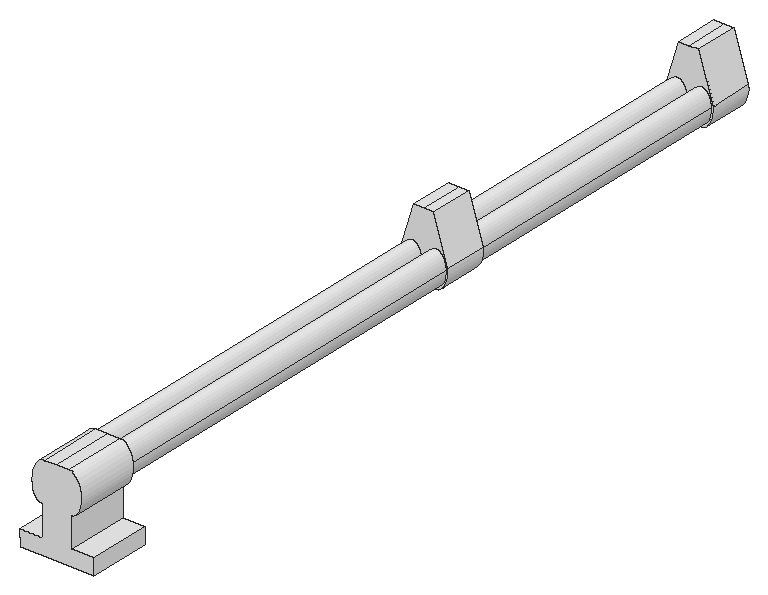
Revit family "HCL_Latchways_BaluAndGuardSym_VersiRail_Fixed", category Railings, host Face, Revit 2014
Parameters (values of type "BalustradeAndGuardingSystem_VersiRailFixed_WallMountStraight_MSA_Latchways")
  WarrantyStartDate [instance] = "1900-12-31T23:59:59"
  WarrantyGuarantorParts = "n/a"
  WarrantyGuarantorLabor = "n/a"
  WarrantyDurationUnit = "year"
  WarrantyDurationParts = "n/a"
  WarrantyDurationLabor = "n/a"
  WarrantyDescription = "n/a"
  WallStraightUpright = yes
  WallMountVis = yes
  WallInclinedUpright = no
  WallCurvedUpright = no
  Version = "1"  # constant formula
  UprightLength = 1150 mm
  Uniclass2 = "Ss_25_15_60_05"
  URL = "www.latchways.com"
  Type Comments = "n/a"
  TagNumber [instance] = "n/a"
  SustainabilityPerformance = "n/a"
  Size = "110 x 120 x 1150 mm"
  Shape = "n/a"
  ServiceLifeDuration = "n/a"
  SerialNumber [instance] = "n/a"
  Revision = "n/a"
  ReplacementCost = "n/a"
  Reference = "n/a"
  RailMaterial = LWplc_Latchwaysplc_Aluminium_Polished
  ProductInformation = "www.latchways.com/BIM/Latchways_WallMountedStraightVersiRail_Datasheet.pdf"
  PostBaseGap = 0 mm
  ParapetStraightUpright = no
  PostHeight = 10 mm
  ParapetInclinedUpright = no
  NominalWidth = 110 mm
  NominalLength = 120 mm
  NominalHeight = 1150 mm
  Name = "BalustradeAndGuardingSystem_VersiRailFixed_WallMountStraight_MSA_Latchways"
  NBSReference = "25-25-10/110"
  NBSNote = "n/a"
  NBSDescription = "Balustrade and guarding system"
  ModelReference = "VersiRail - Wall Mounted Straight Fixed assembly"
  ModelNumber = "22028-00+22042-00"
  Model = "22028-00+22042-00"
  Material = "Handrails & Uprights: Aluminium"
  ManufacturerURL = "www.latchways.com"
  ManufacturerName = "MSA Latchways"
  Manufacturer = "info@latchways.com"
  Keynote = ""
  IsExternal = yes
  Installer Website = "https://www.hclsafety.com/"
  Installer Info = "https://www.hclsafety.com/wp-content/uploads/2017/10/AC55-HCL-A4-brochure-2017.pdf"
  InstallationDate [instance] = "1900-12-31T23:59:59"
  IfcExportType = "IfcRailing"  # constant formula
  IfcExportAs = "GUARDRAIL"  # constant formula
  Height = 1150 mm
  Grade = "n/a"
  Finish = "n/a"
  Features = "n/a"
  ExpectedLife = "n/a"
  DurationUnit = "year"
  Diameter = 40 mm
  Description = "Latchways ManSafe VersiRail"
  Default Elevation = 1219.2 mm
  ParapetCurvedUpright = no
  Constituents = "n/a"
  Color = "n/a"
  CodePerformance = "n/a"
  Category = "n/a"
  BracketMaterial = LWplc_Latchwaysplc_Aluminium_Polished
  BasePlateVis = no
  BarCode [instance] = "n/a"
  BIMObjectName = "HCL_Latchways_BalustradeAndGuardingSystem_VersiRailFixed_WallMountStraight"
  Author = "MSA Latchways"  # constant formula
  AssetType = "Fixed"
  AssetIdentifier [instance] = "n/a"
  AccessibilityPerformance = "n/a"
Types (7, lengths in mm): name | WallStraightUpright | WallMountVis | WallInclinedUpright | WallCurvedUpright | Size | ProductInformation | ParapetStraightUpright | ParapetInclinedUpright | NominalWidth | NominalLength | Name | ModelReference | ModelNumber | Model | ParapetCurvedUpright | BasePlateVis | BIMObjectName
  (no name) | yes | yes | no | no | "110 x 120 x 1150 mm" | "www.latchways.com/BIM/Latchways_WallMountedStraightVersiRail_Datasheet.pdf" | no | no | 110 | 120 | "BalustradeAndGuardingSystem_VersiRailFixed_WallMountStraight_MSA_Latchways" | "VersiRail - Wall Mounted Straight Fixed assembly" | "22028-00+22042-00" | "22028-00+22042-00" | no | no | "HCL_Latchways_BalustradeAndGuardingSystem_VersiRailFixed_WallMountStraight"
  BalustradeAndGuardingSystem_VersiRailFixed_WallMountCurved_MSA_Latchways | no | yes | no | yes | "110 x 596 x 1150 mm" | "www.latchways.com/BIM/Latchways_WallMountedCurvedVersiRail_Datasheet.pdf" | no | no | 110 | 596 | "BalustradeAndGuardingSystem_VersiRailFixed_WallMountCurved_MSA_Latchways" | "VersiRail - Wall Mounted Curved Fixed assembly" | "22228-00+22042-00" | "22228-00+22042-00" | no | no | "HCL_Latchways_BalustradeAndGuardingSystem_VersiRailFixed_WallMountCurved"
  BalustradeAndGuardingSystem_VersiRailFixed_WallMountInclined_MSA_Latchways | no | yes | yes | no | "110 x 450 x 1150 mm" | "www.latchways.com/BIM/Latchways_WallMountedInclinedVersiRail_Datasheet.pdf" | no | no | 110 | 450 | "BalustradeAndGuardingSystem_VersiRailFixed_WallMountInclined_MSA_Latchways" | "VersiRail - Wall Mounted Inclined Fixed assembly" | "22120-00+22042-00" | "22228-00+22042-00" | no | no | "HCL_Latchways_BalustradeAndGuardingSystem_VersiRailFixed_WallMountInclined"
  BalustradeAndGuardingSystem_VersiRailFixed_WallMountStraight_MSA_Latchways | yes | yes | no | no | "110 x 120 x 1150 mm" | "www.latchways.com/BIM/Latchways_WallMountedStraightVersiRail_Datasheet.pdf" | no | no | 110 | 120 | "BalustradeAndGuardingSystem_VersiRailFixed_WallMountStraight_MSA_Latchways" | "VersiRail - Wall Mounted Straight Fixed assembly" | "22028-00+22042-00" | "22028-00+22042-00" | no | no | "HCL_Latchways_BalustradeAndGuardingSystem_VersiRailFixed_WallMountStraight"
  BalustradeAndGuardingSystem_VersiRailFixed_SlabAndParapetStraight_MSA_Latchways | no | no | no | no | "186 x 120 x 1150 mm" | "www.latchways.com/BIM/Latchways_Parapet-SlabMounted_StraightVersiRail_Datasheet.pdf" | yes | no | 186 | 120 | "BalustradeAndGuardingSystem_VersiRailFixed_SlabAndParapetStraight_MSA_Latchways" | "VersiRail - Slab And Parapet Mounted Straight Fixed assembly" | "22028-00+22044-00" | "22028-00+22044-00" | no | yes | "HCL_Latchways_BalustradeAndGuardingSystem_VersiRailFixed_SlabAndParapetStraight"
  BalustradeAndGuardingSystem_VersiRailFixed_SlabAndParapetInclined_MSA_Latchways | no | no | no | no | "186 x 325 x 1150 mm" | "www.latchways.com/BIM/Latchways_Parapet-SlabMounted_InclinedVersiRail_Datasheet.pdf" | no | yes | 186 | 325 | "BalustradeAndGuardingSystem_VersiRailFixed_SlabAndParapetInclined_MSA_Latchways" | "VersiRail - Slab And Parapet Mounted Inclined Fixed assembly" | "22120-00+22044-00" | "22120-00+22044-00" | no | yes | "HCL_Latchways_BalustradeAndGuardingSystem_VersiRailFixed_SlabAndParapetInclined"
  BalustradeAndGuardingSystem_VersiRailFixed_SlabAndParapetCurved_MSA_Latchways | no | no | no | no | "186 x 440 x 1150 mm" | "www.latchways.com/BIM/Latchways_Parapet-SlabMounted_CurvedVersiRail_Datasheet.pdf" | no | no | 186 | 440 | "BalustradeAndGuardingSystem_VersiRailFixed_SlabAndParapetCurved_MSA_Latchways" | "VersiRail - Slab And Parapet Mounted Curved Fixed assembly" | "22228-00+22044-00" | "22120-00+22044-00" | yes | yes | "HCL_Latchways_BalustradeAndGuardingSystem_VersiRailFixed_SlabAndParapetCurved"
Reference planes
  plane 1 "Center (Front/Back)": y = 0
  plane 2: z = 0
  plane 3 "Center (Left/Right)": x = 0
  plane 4: y = -47.5
Dimensions and locks
  aligned and locked: plane 2 to host face
  aligned and locked: level to host face
Nested families
  nested 1: "LWplc_VersiRail_WallBracket" at (0, 0, 0), visible <- "WallMountVis", type "LWplc_VersiRail_WallBracket"
  nested 2: "LWplc_VersiRail_StraightUpright" at (-0.423, 47.5, 119.768) x (1, 0, 0) z (0, 1, 0), visible <- "WallStraightUpright", PostBaseGap <- "PostBaseGap", type "LWplc_VersiRail_StraightUpright"
    with PostBaseGap 0 mm
  nested 3: "LWplc_VersiRail_InclinedUpright" at (0.53, 47.5, 73.632) x (-1, 0, 0) z (0, 1, 0), visible <- "WallInclinedUpright", PostBaseGap <- "PostBaseGap", type "LWplc_VersiRail_InclinedUpright"
  nested 4: "LWplc_VersiRail_CurvedUpright" at (-0.065, 47.5, 95.368) x (-1, 0, 0) z (0, 1, 0), visible <- "WallCurvedUpright", PostBaseGap <- "PostBaseGap", type "LWplc_VersiRail_CurvedUpright"
    with PostBaseGap 0 mm
  nested 5: "LWplc_VersiRail_FixedBase" at (0, 0, 0) x (0, 1, 0) z (0, 0, 1), visible <- "BasePlateVis", type "LWplc_VersiRail_FixedBase"
  nested 6: "LWplc_VersiRail_StraightUpright" at (0.247, 20.997, 146) x (-1, 0, 0) z (0, 0, 1), visible <- "ParapetStraightUpright", PostBaseGap <- "PostBaseGap", type "LWplc_VersiRail_StraightUpright"
    with PostBaseGap 0 mm
  nested 7: "LWplc_VersiRail_InclinedUpright" at (-0.625, -25.125, 146), visible <- "ParapetInclinedUpright", PostBaseGap <- "PostBaseGap", type "LWplc_VersiRail_InclinedUpright"
  nested 8: "LWplc_VersiRail_CurvedUpright" at (0.403, -3.548, 146), visible <- "ParapetCurvedUpright", PostBaseGap <- "PostBaseGap", type "LWplc_VersiRail_CurvedUpright"
    with PostBaseGap 0 mm
Definition of nested family "LWplc_VersiRail_WallBracket"
  Parameters (values of type "LWplc_VersiRail_WallBracket")
    RailMaterial = LWplc_Latchwaysplc_Aluminium_Polished
    Default Elevation = 0 mm
  Reference planes
    plane 1 "Center (Front/Back)": y = 0
    plane 2: z = 0
    plane 3 "Center (Left/Right)": x = 0
  Forms (mm)
    Extrusion 1, solid
      sketch origin (0, 0, 0) x (1, 0, 0) y (0, 1, 0)
        loop
          line (-1219.2, 1219.2) -> (-1219.2, -1219.2) -> (1219.2, -1219.2) -> (1219.2, 1219.2) -> (-1219.2, 1219.2)
      from 0 to -304.8
    Extrusion 2, solid, material "LWplc_Latchwaysplc_Aluminium_Polished" <- "RailMaterial"
      sketch origin (0, 197.5, 0) x (1, 0, 0) y (0, 0, 1)
        loop
          line (0, 0) -> (55, 0) -> (55, 24) -> (22, 24) -> (22, 69)
          spline (22, 69) -> (26.394, 70.311) -> (30.353, 73.554) -> (33.606, 78.507) -> (35.932, 84.832) -> (37.172, 92.099) -> (37.241, 99.813) -> (36.136, 107.447) -> (33.932, 114.482) -> (30.777, 120.438) -> (26.889, 124.909) -> (22.531, 127.591) -> (18, 128.3)
          line (18, 128.3) -> (0, 128.3) -> (-18, 128.3)
          spline (-18, 128.3) -> (-22.531, 127.591) -> (-26.889, 124.909) -> (-30.777, 120.438) -> (-33.932, 114.482) -> (-36.136, 107.447) -> (-37.241, 99.813) -> (-37.172, 92.099) -> (-35.932, 84.832) -> (-33.606, 78.507) -> (-30.353, 73.554) -> (-26.394, 70.311) -> (-22, 69)
          line (-22, 69) -> (-22, 24) -> (-55, 24) -> (-55, 0) -> (0, 0)
      from 150 to 245
  Lines and regions (mm)
    model lines, detail levels fine
      curve 1: spline (-50.136, 0, 24) -> (-49.88, 3.882, 24) -> (-49.131, 7.5, 24) -> (-47.939, 10.607, 24) -> (-46.386, 12.99, 24) -> (-44.577, 14.489, 24) -> (-42.636, 15, 24) -> (-40.694, 14.489, 24) -> (-38.886, 12.99, 24) -> (-37.332, 10.607, 24) -> (-36.14, 7.5, 24) -> (-35.391, 3.882, 24) -> (-35.136, 0, 24)
      curve 2: spline (-35.136, 0, 24) -> (-35.391, -3.882, 24) -> (-36.14, -7.5, 24) -> (-37.332, -10.607, 24) -> (-38.886, -12.99, 24) -> (-40.694, -14.489, 24) -> (-42.636, -15, 24) -> (-44.577, -14.489, 24) -> (-46.386, -12.99, 24) -> (-47.939, -10.607, 24) -> (-49.131, -7.5, 24) -> (-49.88, -3.882, 24) -> (-50.136, 0, 24)
      curve 3: spline (50.136, 0, 24) -> (49.88, 3.882, 24) -> (49.131, 7.5, 24) -> (47.939, 10.607, 24) -> (46.386, 12.99, 24) -> (44.577, 14.489, 24) -> (42.636, 15, 24) -> (40.694, 14.489, 24) -> (38.886, 12.99, 24) -> (37.332, 10.607, 24) -> (36.14, 7.5, 24) -> (35.391, 3.882, 24) -> (35.136, 0, 24)
      curve 4: spline (35.136, 0, 24) -> (35.391, -3.882, 24) -> (36.14, -7.5, 24) -> (37.332, -10.607, 24) -> (38.886, -12.99, 24) -> (40.694, -14.489, 24) -> (42.636, -15, 24) -> (44.577, -14.489, 24) -> (46.386, -12.99, 24) -> (47.939, -10.607, 24) -> (49.131, -7.5, 24) -> (49.88, -3.882, 24) -> (50.136, 0, 24)
  Dimensions and locks
    aligned and locked: plane 2 to Extrusion 1
    aligned and locked: level to Extrusion 1
Definition of nested family "LWplc_VersiRail_StraightUpright"
  Parameters (values of type "LWplc_VersiRail_StraightUpright")
    RailMaterial = LWplc_Latchwaysplc_Aluminium_Polished
    PostBaseGap [instance] = 10 mm
    Heightof Post = 1150 mm
    Default Elevation = 1219.2 mm
  Reference planes
    plane 1 "Center (Front/Back)": y = 0
    plane 2: z = 0
    plane 3 "Center (Left/Right)": x = 0
    plane 4: z = 10
    plane 5: z = 1160
    plane 6: z = 1095
    plane 7: z = 655
    plane 8: z = 590
    plane 9: z = 1050
    plane 10: z = 622.5
    plane 11: y = -26.25
    plane 12: z = 1127.5
  Forms (mm)
    Extrusion 1, solid
      sketch origin (0, 0, 0) x (1, 0, 0) y (0, 1, 0)
        loop
          line (-1219.2, 1219.2) -> (-1219.2, -1219.2) -> (1219.2, -1219.2) -> (1219.2, 1219.2) -> (-1219.2, 1219.2)
      from 0 to -304.8
    Extrusion 2, solid, material "LWplc_Latchwaysplc_Aluminium_Polished" <- "RailMaterial", detail levels medium+fine
      sketch origin (0, 108.1, 590) x (1, 0, 0) y (0, 1, 0)
        loop
          line (0, -160) -> (15, -160) -> (36.16, -90.929)
          spline (36.16, -90.929) -> (36.327, -85.309) -> (35.805, -79.744) -> (34.612, -74.442) -> (32.795, -69.604) -> (30.42, -65.412) -> (27.579, -62.024) -> (24.376, -59.566) -> (20.934, -58.132) -> (17.382, -57.775) -> (13.852, -58.509) -> (10.479, -60.307) -> (7.389, -63.1)
          line (7.389, -63.1) -> (-7.389, -63.1)
          spline (-7.389, -63.1) -> (-10.479, -60.307) -> (-13.852, -58.509) -> (-17.382, -57.775) -> (-20.934, -58.132) -> (-24.376, -59.566) -> (-27.579, -62.024) -> (-30.42, -65.412) -> (-32.795, -69.604) -> (-34.612, -74.442) -> (-35.805, -79.744) -> (-36.327, -85.309) -> (-36.16, -90.929)
          line (-36.16, -90.929) -> (-15, -160) -> (0, -160)
      from 0 to 65
    Extrusion 3, solid, material "LWplc_Latchwaysplc_Aluminium_Polished" <- "RailMaterial"
      sketch origin (0, -2.821, 0) x (1, 0, 0) y (0, 1, 0)
        loop
          spline (-32.35, 24.159) -> (-31.861, 17.688) -> (-30.428, 11.659) -> (-28.147, 6.481) -> (-25.175, 2.508) -> (-21.714, 0.011) -> (-18, -0.841) -> (-14.286, 0.011) -> (-10.825, 2.508) -> (-7.853, 6.481) -> (-5.573, 11.659) -> (-4.139, 17.688) -> (-3.65, 24.159)
          spline (-3.65, 24.159) -> (-4.139, 30.629) -> (-5.573, 36.659) -> (-7.853, 41.837) -> (-10.825, 45.81) -> (-14.286, 48.307) -> (-18, 49.159) -> (-21.714, 48.307) -> (-25.175, 45.81) -> (-28.147, 41.837) -> (-30.428, 36.659) -> (-31.861, 30.629) -> (-32.35, 24.159)
        loop
          spline (32.35, 24.159) -> (31.861, 30.629) -> (30.428, 36.659) -> (28.147, 41.837) -> (25.175, 45.81) -> (21.714, 48.307) -> (18, 49.159) -> (14.286, 48.307) -> (10.825, 45.81) -> (7.853, 41.837) -> (5.573, 36.659) -> (4.139, 30.629) -> (3.65, 24.159)
          spline (3.65, 24.159) -> (4.139, 17.688) -> (5.573, 11.659) -> (7.853, 6.481) -> (10.825, 2.508) -> (14.286, 0.011) -> (18, -0.841) -> (21.714, 0.011) -> (25.175, 2.508) -> (28.147, 6.481) -> (30.428, 11.659) -> (31.861, 17.688) -> (32.35, 24.159)
      from 10 to 1160
    Extrusion 4, solid, material "LWplc_Latchwaysplc_Aluminium_Polished" <- "RailMaterial", detail levels medium+fine
      sketch origin (0, 108.1, 1090) x (1, 0, 0) y (0, 1, 0)
        loop
          line (0, -160) -> (15, -160) -> (36.16, -90.929)
          spline (36.16, -90.929) -> (36.327, -85.309) -> (35.805, -79.744) -> (34.612, -74.442) -> (32.795, -69.604) -> (30.42, -65.412) -> (27.579, -62.024) -> (24.376, -59.566) -> (20.934, -58.132) -> (17.382, -57.775) -> (13.852, -58.509) -> (10.479, -60.307) -> (7.389, -63.1)
          line (7.389, -63.1) -> (-7.389, -63.1)
          spline (-7.389, -63.1) -> (-10.479, -60.307) -> (-13.852, -58.509) -> (-17.382, -57.775) -> (-20.934, -58.132) -> (-24.376, -59.566) -> (-27.579, -62.024) -> (-30.42, -65.412) -> (-32.795, -69.604) -> (-34.612, -74.442) -> (-35.805, -79.744) -> (-36.327, -85.309) -> (-36.16, -90.929)
          line (-36.16, -90.929) -> (-15, -160) -> (0, -160)
      from 5 to 70
  Lines and regions (mm)
    model lines, detail levels coarse
      curve 1: circle (0, -26.25, 622.5) r 20 normal (1, 0, 0)
      curve 2: circle (0, -26.25, 1127.5) r 20 normal (1, 0, 0)
  Dimensions and locks
    locked: plane 7 to plane 8 at 65
    "Heightof Post": plane 5 to plane 4
    locked: plane 5 to plane 6 at 65
    "PostBaseGap": plane 4 to plane 2
    locked: plane 10 to plane 7 at 32.5
    locked: plane 1 "Center (Front/Back)" to plane 11 at 26.25
    locked: plane 5 to plane 12 at 32.5
    aligned and locked: plane 2 to Extrusion 1
    aligned and locked: level to Extrusion 1
    aligned and locked: Extrusion 3 to plane 4
    aligned and locked: plane 5 to Extrusion 3
    aligned and locked: plane 7 to Extrusion 2
    aligned and locked: Extrusion 2 to plane 8
    aligned and locked: Extrusion 4 to Extrusion 3
    aligned and locked: Extrusion 4 to plane 6
    aligned and locked: plane 5 to Extrusion 4
    aligned and locked: plane 10 to curve 1
    aligned and locked: plane 11 to curve 1
    aligned and locked: plane 12 to curve 2
    aligned and locked: plane 11 to curve 2
  Automatic sketch dimensions
    Extrusion 1 sketch curve to Extrusion 1 sketch curve = 2438.4 mm  (x2)
    Extrusion 2 sketch curve to plane 3 "Center (Left/Right)" = 0 mm
    plane 11 to Extrusion 2 sketch curve = 25.65 mm
    Extrusion 2 sketch curve to plane 3 "Center (Left/Right)" = 7.389 mm
    Extrusion 2 sketch curve to plane 3 "Center (Left/Right)" = 15 mm
    Extrusion 2 sketch curve to plane 3 "Center (Left/Right)" = 36.16 mm
    plane 3 "Center (Left/Right)" to Extrusion 2 sketch curve = 7.389 mm
    Extrusion 2 sketch curve to Extrusion 2 sketch curve = 15 mm
    plane 3 "Center (Left/Right)" to Extrusion 2 sketch curve = 36.16 mm
    Extrusion 2 sketch curve to plane 3 "Center (Left/Right)" = 18 mm
    Extrusion 2 sketch curve to plane 3 "Center (Left/Right)" = 0.35 mm
    plane 3 "Center (Left/Right)" to Extrusion 2 sketch curve = 0.35 mm
    Extrusion 2 sketch curve to Extrusion 2 sketch curve = 17.65 mm
    Extrusion 2 sketch curve to plane 1 "Center (Front/Back)" = 17.171 mm  (x2)
    Extrusion 2 sketch curve to Extrusion 2 sketch curve = 27.829 mm
    Extrusion 3 sketch curve to plane 3 "Center (Left/Right)" = 32.35 mm
    Extrusion 3 sketch curve to Extrusion 3 sketch curve = 14.35 mm  (x2)
    plane 3 "Center (Left/Right)" to Extrusion 3 sketch curve = 3.65 mm
    Extrusion 3 sketch curve to plane 1 "Center (Front/Back)" = 21.338 mm  (x2)
    Extrusion 4 sketch curve to plane 3 "Center (Left/Right)" = 0 mm
    plane 11 to Extrusion 4 sketch curve = 25.65 mm
    Extrusion 4 sketch curve to plane 3 "Center (Left/Right)" = 7.389 mm
    Extrusion 4 sketch curve to plane 3 "Center (Left/Right)" = 15 mm
    Extrusion 4 sketch curve to plane 3 "Center (Left/Right)" = 36.16 mm
    plane 3 "Center (Left/Right)" to Extrusion 4 sketch curve = 7.389 mm
    Extrusion 4 sketch curve to Extrusion 4 sketch curve = 15 mm
    plane 3 "Center (Left/Right)" to Extrusion 4 sketch curve = 36.16 mm
    Extrusion 4 sketch curve to plane 3 "Center (Left/Right)" = 18 mm
    Extrusion 4 sketch curve to plane 3 "Center (Left/Right)" = 0.35 mm
    plane 3 "Center (Left/Right)" to Extrusion 4 sketch curve = 0.35 mm
    Extrusion 4 sketch curve to Extrusion 4 sketch curve = 17.65 mm
    Extrusion 4 sketch curve to plane 1 "Center (Front/Back)" = 17.171 mm  (x2)
    Extrusion 4 sketch curve to Extrusion 4 sketch curve = 27.829 mm
    radius of curve 1 = 20 mm
    radius of curve 2 = 20 mm
Definition of nested family "LWplc_VersiRail_InclinedUpright"
  Parameters (values of type "LWplc_Latchwaysplc_VersiRail_InclinedUpright")
    RailMaterial = LWplc_Latchwaysplc_Aluminium_Polished
    PostExtention = Heightof Post - 640 mm  # 510 mm
    PostBaseGap [instance] = 0 mm
    Heightof Post = 1150 mm
    Default Elevation = 1150 mm
  Reference planes
    plane 1 "Center (Front/Back)": y = 0
    plane 2: z = 0
    plane 3 "Center (Left/Right)": x = 0
    plane 4: z = 0
  Forms (mm)
    Extrusion 1, solid
      sketch origin (0, 0, 0) x (1, 0, 0) y (0, 1, 0)
        loop
          line (-1219.2, 1219.2) -> (-1219.2, -1219.2) -> (1219.2, -1219.2) -> (1219.2, 1219.2) -> (-1219.2, 1219.2)
      from 0 to -304.8
    Sweep 2, solid, material "LWplc_Latchwaysplc_Aluminium_Polished" <- "RailMaterial"
      path origin (0.683, 0.704, 0) x (0, 1, 0) y (0, 0, 1)
        loop
          line (0, 0) -> (0, 114)
          arc (0, 114) -> (25.09, 386.969) -> (99.52, 650.791) r 1497.436
          line (99.52, 650.791) -> (307.434, 1116.486)
      profile origin (0.683, 0.704, 57) x (0, -1, 0) y (1, 0, 0)
        loop
          spline (-24.159, -32.35) -> (-17.688, -31.861) -> (-11.659, -30.428) -> (-6.481, -28.147) -> (-2.508, -25.175) -> (-0.011, -21.714) -> (0.841, -18) -> (-0.011, -14.286) -> (-2.508, -10.825) -> (-6.481, -7.853) -> (-11.659, -5.573) -> (-17.688, -4.139) -> (-24.159, -3.65)
          spline (-24.159, -3.65) -> (-30.629, -4.139) -> (-36.659, -5.573) -> (-41.837, -7.853) -> (-45.81, -10.825) -> (-48.307, -14.286) -> (-49.159, -18) -> (-48.307, -21.714) -> (-45.81, -25.175) -> (-41.837, -28.147) -> (-36.659, -30.428) -> (-30.629, -31.861) -> (-24.159, -32.35)
        loop
          spline (-24.159, 32.35) -> (-30.629, 31.861) -> (-36.659, 30.428) -> (-41.837, 28.147) -> (-45.81, 25.175) -> (-48.307, 21.714) -> (-49.159, 18) -> (-48.307, 14.286) -> (-45.81, 10.825) -> (-41.837, 7.853) -> (-36.659, 5.573) -> (-30.629, 4.139) -> (-24.159, 3.65)
          spline (-24.159, 3.65) -> (-17.688, 4.139) -> (-11.659, 5.573) -> (-6.481, 7.853) -> (-2.508, 10.825) -> (-0.011, 14.286) -> (0.841, 18) -> (-0.011, 21.714) -> (-2.508, 25.175) -> (-6.481, 28.147) -> (-11.659, 30.428) -> (-17.688, 31.861) -> (-24.159, 32.35)
    Extrusion 3, solid, material "LWplc_Latchwaysplc_Aluminium_Polished" <- "RailMaterial", detail levels medium+fine
      sketch origin (0.683, 12.313, 602.504) x (1, 0, 0) y (0, 0.945519, -0.325568)
        loop
          line (0, 160) -> (-15, 160) -> (-36.16, 90.929)
          spline (-36.16, 90.929) -> (-36.327, 85.309) -> (-35.805, 79.744) -> (-34.612, 74.442) -> (-32.795, 69.604) -> (-30.42, 65.412) -> (-27.579, 62.024) -> (-24.376, 59.566) -> (-20.934, 58.132) -> (-17.382, 57.775) -> (-13.852, 58.509) -> (-10.479, 60.307) -> (-7.389, 63.1)
          line (-7.389, 63.1) -> (7.389, 63.1)
          spline (7.389, 63.1) -> (10.479, 60.307) -> (13.852, 58.509) -> (17.382, 57.775) -> (20.934, 58.132) -> (24.376, 59.566) -> (27.579, 62.024) -> (30.42, 65.412) -> (32.795, 69.604) -> (34.612, 74.442) -> (35.805, 79.744) -> (36.327, 85.309) -> (36.16, 90.929)
          line (36.16, 90.929) -> (15, 160) -> (0, 160)
      from 0 to 65
    Extrusion 4, solid, material "LWplc_Latchwaysplc_Aluminium_Polished" <- "RailMaterial", detail levels medium+fine
      sketch origin (-6.967, 323.906, 1109.446) x (1, 0, 0) y (0, 0.913127, -0.407676)
        loop
          line (7.262, 78.799) -> (-7.738, 78.799) -> (-28.898, 9.729)
          spline (-28.898, 9.729) -> (-29.066, 4.109) -> (-28.543, -1.457) -> (-27.351, -6.758) -> (-25.533, -11.596) -> (-23.159, -15.788) -> (-20.317, -19.177) -> (-17.115, -21.634) -> (-13.673, -23.069) -> (-10.12, -23.425) -> (-6.591, -22.691) -> (-3.217, -20.894) -> (-0.127, -18.101)
          line (-0.127, -18.101) -> (14.65, -18.101)
          spline (14.65, -18.101) -> (17.741, -20.894) -> (21.114, -22.691) -> (24.643, -23.425) -> (28.196, -23.069) -> (31.638, -21.634) -> (34.84, -19.177) -> (37.682, -15.788) -> (40.056, -11.596) -> (41.874, -6.758) -> (43.066, -1.457) -> (43.589, 4.109) -> (43.421, 9.729)
          line (43.421, 9.729) -> (22.262, 78.799) -> (7.262, 78.799)
      from 0 to -65
  Lines and regions (mm)
    model lines, detail levels coarse
      curve 1: circle (0, 361.015, 1057.805) r 20 normal (1, 0, 0)
      curve 2: circle (0, 153.399, 588.391) r 20 normal (1, 0, 0)
  Dimensions and locks
    "PostExtention": Sweep 2 sketch curve to Sweep 2 sketch curve
    locked: Extrusion 4 to curve 1 at 32.027
    locked: Extrusion 4 to curve 1 at 23.861
    locked: Extrusion 3 to curve 2 at 22.006
    locked: Extrusion 3 to curve 2 at 32.588
    "PostBaseGap": plane 4 to level
    locked: Sweep 2 sketch curve to level (angle 65.9411°)
    aligned and locked: plane 2 to Extrusion 1
    aligned and locked: level to Extrusion 1
  Automatic sketch dimensions
    Extrusion 1 sketch curve to Extrusion 1 sketch curve = 2438.4 mm  (x2)
    profile plane to Sweep 2 sketch curve = 24.159 mm
    Sweep 2 sketch curve to Sweep 2 sketch curve = 0 mm
    Sweep 2 sketch curve to profile plane = 32.35 mm
    Sweep 2 sketch curve to Sweep 2 sketch curve = 14.35 mm  (x2)
    profile plane to Sweep 2 sketch curve = 3.65 mm
    Extrusion 3 sketch curve to plane 3 "Center (Left/Right)" = 35.477 mm
    plane 3 "Center (Left/Right)" to Extrusion 3 sketch curve = 8.072 mm
    Extrusion 3 sketch curve to plane 3 "Center (Left/Right)" = 6.706 mm
    plane 3 "Center (Left/Right)" to Extrusion 3 sketch curve = 36.843 mm
    Extrusion 3 sketch curve to plane 3 "Center (Left/Right)" = 14.317 mm
    plane 3 "Center (Left/Right)" to Extrusion 3 sketch curve = 15.683 mm
    plane 3 "Center (Left/Right)" to Extrusion 3 sketch curve = 0.683 mm
    Extrusion 3 sketch curve to plane 3 "Center (Left/Right)" = 17.317 mm
    plane 3 "Center (Left/Right)" to Extrusion 3 sketch curve = 0.333 mm
    Extrusion 3 sketch curve to Extrusion 3 sketch curve = 0.7 mm
    Extrusion 3 sketch curve to Extrusion 3 sketch curve = 17.65 mm
    Extrusion 3 sketch curve to Extrusion 3 sketch curve = 27.829 mm
    Extrusion 3 sketch curve to Extrusion 3 sketch curve = 4.167 mm
    Extrusion 3 sketch curve to Extrusion 3 sketch curve = 69.071 mm
    Extrusion 4 sketch curve to Extrusion 4 sketch curve = 21.16 mm
    Extrusion 4 sketch curve to Extrusion 4 sketch curve = 28.771 mm  (x2)
    Extrusion 4 sketch curve to Extrusion 4 sketch curve = 15 mm  (x2)
    Extrusion 4 sketch curve to Extrusion 4 sketch curve = 14.778 mm
    Extrusion 4 sketch curve to Extrusion 4 sketch curve = 18.16 mm
    Extrusion 4 sketch curve to Extrusion 4 sketch curve = 17.65 mm  (x2)
    Extrusion 4 sketch curve to Extrusion 4 sketch curve = 0.7 mm
    Extrusion 4 sketch curve to Extrusion 4 sketch curve = 27.829 mm
    Extrusion 4 sketch curve to Extrusion 4 sketch curve = 4.167 mm
    Extrusion 4 sketch curve to Extrusion 4 sketch curve = 69.071 mm
    Sweep 2 sketch curve to plane 1 "Center (Front/Back)" = 0.704 mm
    level to Sweep 2 sketch curve = 114 mm
    Sweep 2 sketch curve to level = 0 mm
    Sweep 2 sketch curve to plane 1 "Center (Front/Back)" = 100.224 mm
    Sweep 2 sketch curve to Sweep 2 sketch curve = 1497.436 mm
    radius of curve 1 = 20 mm
    radius of curve 2 = 20 mm
Definition of nested family "LWplc_VersiRail_CurvedUpright"
  Parameters (values of type "LWplc_VersiRail_CurvedUpright")
    RailMaterial = LWplc_Latchwaysplc_Aluminium_Polished
    RadiusofPost = Heightof Post + 344 mm  # 1494 mm
    PostBaseGap [instance] = 10 mm
    Heightof Post = 1150 mm
    Default Elevation = 1219.2 mm
  Reference planes
    plane 1 "Center (Front/Back)": y = 0
    plane 2: z = 0
    plane 3 "Center (Left/Right)": x = 0
    plane 4: z = 10
  Forms (mm)
    Extrusion 1, solid
      sketch origin (0, 0, 0) x (1, 0, 0) y (0, 1, 0)
        loop
          line (-1219.2, 1219.2) -> (-1219.2, -1219.2) -> (1219.2, -1219.2) -> (1219.2, 1219.2) -> (-1219.2, 1219.2)
      from 0 to -304.8
    Sweep 2, solid, material "LWplc_Latchwaysplc_Aluminium_Polished" <- "RailMaterial"
      path origin (-0.149, -45.183, 0) x (0, 1, 0) y (0, 0, 1)
        loop
          line (24.159, 10) -> (24.159, 125)
          arc (24.159, 125) -> (139.38, 700.33) -> (467.271, 1186.918) r 1494
      profile origin (-0.149, -21.024, 67.5) x (0, -1, 0) y (1, 0, 0)
        loop
          spline (-24.159, -32.35) -> (-17.688, -31.861) -> (-11.659, -30.428) -> (-6.481, -28.147) -> (-2.508, -25.175) -> (-0.011, -21.714) -> (0.841, -18) -> (-0.011, -14.286) -> (-2.508, -10.825) -> (-6.481, -7.853) -> (-11.659, -5.573) -> (-17.688, -4.139) -> (-24.159, -3.65)
          spline (-24.159, -3.65) -> (-30.629, -4.139) -> (-36.659, -5.573) -> (-41.837, -7.853) -> (-45.81, -10.825) -> (-48.307, -14.286) -> (-49.159, -18) -> (-48.307, -21.714) -> (-45.81, -25.175) -> (-41.837, -28.147) -> (-36.659, -30.428) -> (-30.629, -31.861) -> (-24.159, -32.35)
        loop
          spline (-24.159, 32.35) -> (-30.629, 31.861) -> (-36.659, 30.428) -> (-41.837, 28.147) -> (-45.81, 25.175) -> (-48.307, 21.714) -> (-49.159, 18) -> (-48.307, 14.286) -> (-45.81, 10.825) -> (-41.837, 7.853) -> (-36.659, 5.573) -> (-30.629, 4.139) -> (-24.159, 3.65)
          spline (-24.159, 3.65) -> (-17.688, 4.139) -> (-11.659, 5.573) -> (-6.481, 7.853) -> (-2.508, 10.825) -> (-0.011, 14.286) -> (0.841, 18) -> (-0.011, 21.714) -> (-2.508, 25.175) -> (-6.481, 28.147) -> (-11.659, 30.428) -> (-17.688, 31.861) -> (-24.159, 32.35)
    Extrusion 3, solid, material "LWplc_Latchwaysplc_Aluminium_Polished" <- "RailMaterial", detail levels medium+fine
      sketch origin (-0.149, -10.449, 602.504) x (1, 0, 0) y (0, 0.945519, -0.325568)
        loop
          line (0, 160) -> (-15, 160) -> (-36.16, 90.929)
          spline (-36.16, 90.929) -> (-36.327, 85.309) -> (-35.805, 79.744) -> (-34.612, 74.442) -> (-32.795, 69.604) -> (-30.42, 65.412) -> (-27.579, 62.024) -> (-24.376, 59.566) -> (-20.934, 58.132) -> (-17.382, 57.775) -> (-13.852, 58.509) -> (-10.479, 60.307) -> (-7.389, 63.1)
          line (-7.389, 63.1) -> (7.389, 63.1)
          spline (7.389, 63.1) -> (10.479, 60.307) -> (13.852, 58.509) -> (17.382, 57.775) -> (20.934, 58.132) -> (24.376, 59.566) -> (27.579, 62.024) -> (30.42, 65.412) -> (32.795, 69.604) -> (34.612, 74.442) -> (35.805, 79.744) -> (36.327, 85.309) -> (36.16, 90.929)
          line (36.16, 90.929) -> (15, 160) -> (0, 160)
      from 0 to 65
    Extrusion 4, solid, material "LWplc_Latchwaysplc_Aluminium_Polished" <- "RailMaterial", detail levels medium+fine
      sketch origin (-0.149, 349.822, 1259.942) x (1, 0, 0) y (0, 0.703406, -0.710788)
        loop
          line (0, 198.932) -> (-15, 198.932) -> (-36.16, 129.861)
          spline (-36.16, 129.861) -> (-36.327, 124.241) -> (-35.805, 118.676) -> (-34.612, 113.374) -> (-32.795, 108.536) -> (-30.42, 104.344) -> (-27.579, 100.956) -> (-24.376, 98.498) -> (-20.934, 97.064) -> (-17.382, 96.707) -> (-13.852, 97.442) -> (-10.479, 99.239) -> (-7.389, 102.032)
          line (-7.389, 102.032) -> (7.389, 102.032)
          spline (7.389, 102.032) -> (10.479, 99.239) -> (13.852, 97.442) -> (17.382, 96.707) -> (20.934, 97.064) -> (24.376, 98.498) -> (27.579, 100.956) -> (30.42, 104.344) -> (32.795, 108.536) -> (34.612, 113.374) -> (35.805, 118.676) -> (36.327, 124.241) -> (36.16, 129.861)
          line (36.16, 129.861) -> (15, 198.932) -> (0, 198.932)
      from -65 to 0
  Lines and regions (mm)
    model lines, detail levels coarse
      curve 1: circle (0, 449.976, 1112.31) r 20 normal (1, 0, 0)
      curve 2: circle (0, 128.651, 588.374) r 20 normal (1, 0, 0)
  Dimensions and locks
    locked: Extrusion 4 to Extrusion 4 at 65
    "PostBaseGap": plane 4 to plane 2
    locked: Extrusion 4 to curve 1 at 23.548
    locked: Extrusion 4 to curve 1 at 32.343
    locked: Extrusion 3 to curve 2 at 23.878
    locked: Extrusion 3 to curve 2 at 31.926
    "RadiusofPost": radius of Sweep 2 sketch curve
    locked: Sweep 2 sketch curve to Sweep 2 sketch curve (angle 45.2991°)
    aligned and locked: plane 2 to Extrusion 1
    aligned and locked: level to Extrusion 1
    aligned and locked: Extrusion 4 to Sweep 2
    aligned and locked: plane 4 to Sweep 2 sketch curve
  Automatic sketch dimensions
    Extrusion 1 sketch curve to Extrusion 1 sketch curve = 2438.4 mm  (x2)
    plane 1 "Center (Front/Back)" to Sweep 2 sketch curve = 21.024 mm
    plane 4 to Sweep 2 sketch curve = 115 mm
    profile plane to Sweep 2 sketch curve = 24.159 mm
    Sweep 2 sketch curve to Sweep 2 sketch curve = 0 mm
    Sweep 2 sketch curve to profile plane = 32.35 mm
    Sweep 2 sketch curve to Sweep 2 sketch curve = 14.35 mm  (x2)
    profile plane to Sweep 2 sketch curve = 3.65 mm
    Extrusion 3 sketch curve to plane 3 "Center (Left/Right)" = 36.309 mm
    plane 3 "Center (Left/Right)" to Extrusion 3 sketch curve = 7.24 mm
    Extrusion 3 sketch curve to plane 3 "Center (Left/Right)" = 7.538 mm
    plane 3 "Center (Left/Right)" to Extrusion 3 sketch curve = 36.011 mm
    Extrusion 3 sketch curve to plane 3 "Center (Left/Right)" = 15.149 mm
    plane 3 "Center (Left/Right)" to Extrusion 3 sketch curve = 14.851 mm
    Extrusion 3 sketch curve to plane 3 "Center (Left/Right)" = 0.149 mm
    Extrusion 3 sketch curve to plane 3 "Center (Left/Right)" = 18.149 mm
    Extrusion 3 sketch curve to plane 3 "Center (Left/Right)" = 0.499 mm
    plane 3 "Center (Left/Right)" to Extrusion 3 sketch curve = 0.201 mm
    Extrusion 3 sketch curve to Extrusion 3 sketch curve = 17.65 mm
    Extrusion 3 sketch curve to Extrusion 3 sketch curve = 27.829 mm
    Extrusion 3 sketch curve to Extrusion 3 sketch curve = 4.167 mm
    Extrusion 3 sketch curve to Extrusion 3 sketch curve = 69.071 mm
    Extrusion 4 sketch curve to Extrusion 4 sketch curve = 21.16 mm
    Extrusion 4 sketch curve to Extrusion 4 sketch curve = 28.771 mm  (x2)
    Extrusion 4 sketch curve to Extrusion 4 sketch curve = 15 mm  (x2)
    Extrusion 4 sketch curve to Extrusion 4 sketch curve = 14.778 mm
    Extrusion 4 sketch curve to Extrusion 4 sketch curve = 18.16 mm
    Extrusion 4 sketch curve to Extrusion 4 sketch curve = 17.65 mm  (x2)
    Extrusion 4 sketch curve to Extrusion 4 sketch curve = 0.7 mm
    Extrusion 4 sketch curve to Extrusion 4 sketch curve = 27.829 mm
    Extrusion 4 sketch curve to Extrusion 4 sketch curve = 4.167 mm
    Extrusion 4 sketch curve to Extrusion 4 sketch curve = 69.071 mm
    radius of curve 1 = 20 mm
    radius of curve 2 = 20 mm
Definition of nested family "LWplc_VersiRail_FixedBase"
  Parameters (values of type "LWplc_VersiRail_FixedBase")
    RailMaterial = LWplc_Latchwaysplc_Aluminium_Polished
    PostHeight = 10 mm
    Default Elevation = 1219.2 mm
  Reference planes
    plane 1 "Center (Front/Back)": y = 0
    plane 2: z = 0
    plane 3 "Center (Left/Right)": x = 0
    plane 4: y = 18
    plane 5: y = -18
    plane 6: x = -32
    plane 7: x = 32
    plane 8: y = 38
    plane 9: y = -38
    plane 10: z = 10
    plane 11: y = 73
    plane 12: y = -73
  Forms (mm)
    Extrusion 1, solid
      sketch origin (0, 0, 0) x (1, 0, 0) y (0, 1, 0)
        loop
          line (-1219.2, 1219.2) -> (-1219.2, -1219.2) -> (1219.2, -1219.2) -> (1219.2, 1219.2) -> (-1219.2, 1219.2)
      from 0 to -304.8
    Blend 2, solid, material "LWplc_Latchwaysplc_Aluminium_Polished" <- "RailMaterial"
      base sketch origin (-38, 0, 0) x (1, 0, 0) y (0, 1, 0)
        loop
          spline (-20, 0) -> (-18.024, -24.07) -> (-12.229, -46.5) -> (-3.012, -65.761) -> (9, -80.54) -> (22.988, -89.831) -> (38, -93) -> (53.012, -89.831) -> (67, -80.54) -> (79.012, -65.761) -> (88.229, -46.5) -> (94.024, -24.07) -> (96, 0)
          spline (96, 0) -> (94.024, 24.07) -> (88.229, 46.5) -> (79.012, 65.761) -> (67, 80.54) -> (53.012, 89.831) -> (38, 93) -> (22.988, 89.831) -> (9, 80.54) -> (-3.012, 65.761) -> (-12.229, 46.5) -> (-18.024, 24.07) -> (-20, 0)
      top sketch origin (-38, 0, 0) x (1, 0, 0) y (0, 1, 0)
        loop
          spline (91, 0) -> (89.091, 23.246) -> (83.523, 44.804) -> (74.767, 63.113) -> (63.603, 76.871) -> (51.043, 85.228) -> (38, 88.014) -> (24.957, 85.228) -> (12.397, 76.871) -> (1.233, 63.113) -> (-7.523, 44.804) -> (-13.091, 23.246) -> (-15, 0)
          spline (-15, 0) -> (-13.091, -23.246) -> (-7.523, -44.804) -> (1.233, -63.113) -> (12.397, -76.871) -> (24.957, -85.228) -> (38, -88.014) -> (51.043, -85.228) -> (63.603, -76.871) -> (74.767, -63.113) -> (83.523, -44.804) -> (89.091, -23.246) -> (91, 0)
      from 0 to 10
    Extrusion 3, solid, material "LWplc_Latchwaysplc_Aluminium_Polished" <- "RailMaterial"
      sketch origin (-38, 0, 10) x (1, 0, 0) y (0, 1, 0)
        loop
          circle (38, 0) r 41
      from 0 to 10 <- "PostHeight"
    Extrusion 4, solid, material "LWplc_Latchwaysplc_Aluminium_Polished" <- "RailMaterial"
      sketch origin (-38, 0, 20) x (1, 0, 0) y (0, 1, 0)
        loop
          line (6, 18) -> (6, -18)
          spline (6, -18) -> (7.09, -23.176) -> (10.287, -28) -> (15.373, -32.142) -> (22, -35.321) -> (29.718, -37.319) -> (38, -38) -> (46.282, -37.319) -> (54, -35.321) -> (60.627, -32.142) -> (65.713, -28) -> (68.91, -23.176) -> (70, -18)
          line (70, -18) -> (70, 18)
          spline (70, 18) -> (68.91, 23.176) -> (65.713, 28) -> (60.627, 32.142) -> (54, 35.321) -> (46.282, 37.319) -> (38, 38) -> (29.718, 37.319) -> (22, 35.321) -> (15.373, 32.142) -> (10.287, 28) -> (7.09, 23.176) -> (6, 18)
      from 0 to 126
  Lines and regions (mm)
    model lines, detail levels fine
      curve 1: circle (0, 73, 10) r 7 normal (0, 0, 1)
      curve 2: circle (0, -73, 10) r 7 normal (0, 0, 1)
  Dimensions and locks
    aligned and locked: plane 2 to Extrusion 1
    aligned and locked: level to Extrusion 1
    aligned and locked: Extrusion 4 to Extrusion 3
